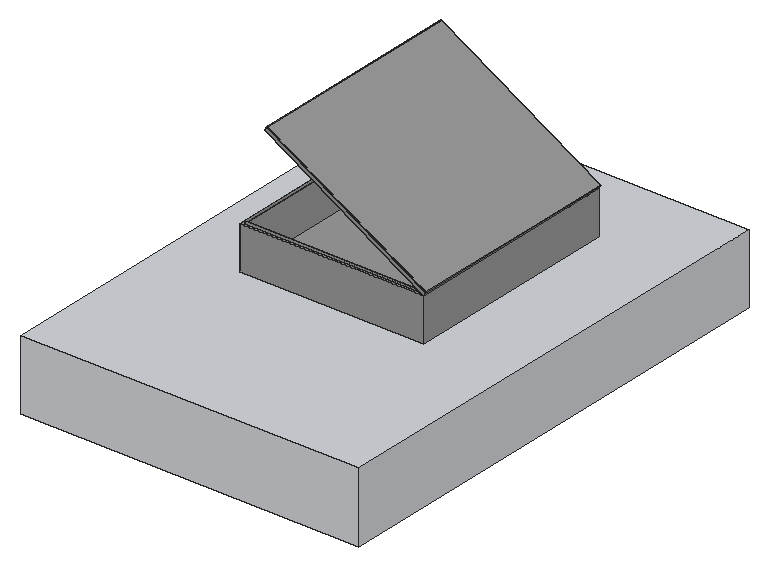
Revit family "Hager-Univers-IP54-D205-H950-Cl.I-Encl-CH-de", category Equipement électrique, Revit 2020
Family settings
  Hôte = Face
  Configuration du panneau = Deux colonnes, circuits au sein
  Cote de connecteur circulaire = Utiliser le diamètre
  Type d'élément = Tableau de raccordement
  Couper avec des vides une fois chargée = Non
  Partagée = Non
  Point de calcul de pièce = Non
Parameters (values of type "Aufputz IP54 B800 H950 T205  - FP63TW2")
  Width Control [instance] = if([EF000008 - Breite] > Min Width, [EF000008 - Breite], Min Width)  # 800 mm
  Commentaires du type = [HG000003 - Bereich]  # "Univers"
  Thickness Door [instance] = if([EF009171 - Materialstärke Tür/Deckel] > 3 mm, 3 mm, [EF009171 - Materialstärke Tür/Deckel])  # 1 mm
  Seal Frame Offset [instance] = 17 mm  # constant formula
  Plinth Visibility [instance] = [HG000027 - Sockelhöhe] > 0 mm  # no
  Model = ""
  Min Width [instance] = 100 mm  # constant formula
  Min Height [instance] = 100 mm  # constant formula
  Min Depth [instance] = (2 * [EF009170 - Materialstärke Gehäuse]) + 1 mm  # 3 mm
  Internal Frame Depth [instance] = (Door System Depth * 0.5)  # 9 mm
  Height Control [instance] = if([EF000040 - Höhe] > Min Height, [EF000040 - Höhe], Min Height)  # 950 mm
  HG000027 - Sockelhöhe = 0 mm
  HG000026 - Stehend auf dem Boden = no
  HG000024 - Höhe des unteren Teils = 800 mm
  HG000023 - Gehäuse mit doppeltem Querschnitt = no
  HG000016 - 3D-Türsichtbarkeit [instance] = yes
  HG000015 - Sichtbarkeit der Türöffnung [instance] = no
  HG000014 - Tür rechts [instance] = yes
  HG000013 - Tür links [instance] = not([HG000014 - Tür rechts])  # no
  HG000012 - Türschwenkwinkel [instance] = 30.00°
  HG000010 - Asymmetrische Türen = no
  HG000009 - Doppelflügeligen Tür = no
  HG000006 - Unterputz = no
  HG000004 - Herstellerreferenz = "FP63TW2"
  HG000003 - Bereich = "Univers"
  HG000002 - Mit tür = yes
  Frame Offset Bottom [instance] = 10 mm  # constant formula
  Frame Offset [instance] = 15 mm  # constant formula
  EF015940 - Deckel mit Überdruckentlastung = no
  EF011959 - Schutzart (NEMA) = ""
  EF009554 - Anzahl der Öffnungen für Flanschplatten = 6
  Fabricant = "Hager"  # constant formula
  EF009212 - Ausführung Deckel = "EV000116 - geschlossen"
  EF009171 - Materialstärke Tür/Deckel = 1 mm
  EF009170 - Materialstärke Gehäuse = 1 mm
  EF008873 - Nennstrom (In) = 250 A
  EF007800 - Geeignet für Blitzschutz = no
  EF006306 - Mit Schloss = no
  EF006244 - Transparenter Deckel/Tür = no
  EF005474 - Schutzart (IP) = "EV006419 - IP54"
  EF004464 - Art der Tür = "EV002646 - Einzel"
  EF004427 - Anzahl der Module = 216
  EF004293 - Schlagfestigkeit = "EV006815 - IK09"
  EF003532 - Geeignet für Außengebrauch = no
  EF002950 - Breite in Teilungseinheiten = 36
  EF001613 - Funktionserhalt = "EV000494 - ohne"
  EF001596 - Werkstoff des Gehäuses = "EV000179 - Stahl"
  EF001131 - Innentiefe = 130 mm
  EF001088 - Anbaumöglichkeit = yes
  EF000437 - Anzahl der Leitungseinführungen = 6
  EF000339 - Art der Abdeckung = "EV001012 - Deckel"
  EF000266 - Anzahl der Reihen = 6
  EF000218 - Einbautiefe = 205 mm
  EF000118 - Mit Montageplatte = no
  EF000116 - RAL-Nummer = "9010"
  EF000049 - Tiefe = 205 mm
  EF000040 - Höhe = 950 mm
  EF000008 - Breite = 800 mm
  EF000007 - Farbe = "EV000202 - weiß"
  EF000003 - Montageart = "EV000384 - Aufputz"
  Door System Leaf Tolerance [instance] = 1.5 mm  # constant formula
  Door System Depth [instance] = 18 mm  # constant formula
  Door Height [instance] = Height Control - [HG000027 - Sockelhöhe]  # 950 mm
  Depth Control [instance] = if([EF000049 - Tiefe] > Min Depth, [EF000049 - Tiefe], Min Depth)  # 205 mm
  Default Elevation = 0 mm
  Connector Offset [instance] = Height Control / 2  # 475 mm
  Bottom Top Plate Trim [instance] = 1.5 mm  # constant formula
  Plinth height Ctrl [instance] = if([HG000027 - Sockelhöhe] > 0 mm, [HG000027 - Sockelhöhe], 12 mm)  # 12 mm
Types (5, lengths in mm): name | Width Control | HG000004 - Herstellerreferenz | EF009554 - Anzahl der Öffnungen für Flanschplatten | EF004464 - Art der Tür | EF004427 - Anzahl der Module | EF002950 - Breite in Teilungseinheiten | EF000437 - Anzahl der Leitungseinführungen | EF000008 - Breite
  Aufputz IP54 B1050 H950 T205  - FP64TW2 | 1050 | "FP64TW2" | 8 | "EV003602 - Doppel" | 288 | 48 | 8 | 1050
  Aufputz IP54 B1300 H950 T205  - FP65TW2 | 1300 | "FP65TW2" | 10 | "EV003602 - Doppel" | 360 | 60 | 10 | 1300
  Aufputz IP54 B300 H950 T205  - FP61TW2 | 300 | "FP61TW2" | 2 | "EV002646 - Einzel" | 72 | 12 | 2 | 300
  Aufputz IP54 B550 H950 T205  - FP62TW2 | 550 | "FP62TW2" | 4 | "EV002646 - Einzel" | 144 | 24 | 4 | 550
  Aufputz IP54 B800 H950 T205  - FP63TW2 | 800 | "FP63TW2" | 6 | "EV002646 - Einzel" | 216 | 36 | 6 | 800
Reference planes
  plane 1 "Center (Front/Back)": y = 0
  plane 2: z = 0
  plane 3 "Center (Left/Right)": x = 0
  plane 4: z = 205
  plane 5: y = 1
  plane 6: y = 475
  plane 7: y = 0
  plane 8: y = 950
  plane 9: z = 0
  plane 10: x = -385
  plane 11: x = 385
  plane 12: x = 384
  plane 13: x = -384
  plane 14: y = 949
  plane 15: x = -383
  plane 16: x = -400
  plane 17: x = 383
  plane 18: x = 400
  plane 19: x = 399
  plane 20: x = -399
  plane 21: y = 11
  plane 22: y = 950
  plane 23: y = 934
  plane 24: z = 187
  plane 25: z = 1
  plane 26: z = 186
  plane 27: z = 204
Forms (mm)
  Extrusion 1, solid
    sketch origin (0, 0, 0) x (1, 0, 0) y (0, 1, 0)
      loop
        line (-702.964, 1305) -> (-702.964, -811.445) -> (766.763, -811.445) -> (766.763, 1305) -> (-702.964, 1305)
    from 0 to -304.8
  Extrusion 2, solid, material "Hager_Steel_RAL7035_Light_Grey", visible <- "Plinth Visibility", detail levels medium+fine
    sketch origin (0, 0, 0) x (1, 0, 0) y (0, 1, 0)
      loop
        line (-400, 0) -> (400, 0) -> (400, 12) -> (-400, 12) -> (-400, 0)
    from 0 to 187
  Extrusion 3, solid, material "Hager_Steel_RAL7035_Light_Grey", detail levels medium+fine
    sketch origin (0, 0, 0) x (1, 0, 0) y (0, 1, 0)
      loop
        line (-400, 0) -> (400, 0) -> (400, 950) -> (-400, 950) -> (-400, 0)
    from 0 to 187
  Extrusion 4, void
    sketch origin (0, 0, 0) x (1, 0, 0) y (0, 1, 0)
      loop
        line (-399, 1) -> (399, 1) -> (399, 949) -> (-399, 949) -> (-399, 1)
    from 1 to 186
  Extrusion 5, void
    sketch origin (-381.607, -4572, 187) x (0, -1, 0) y (-1, 0, 0)
      loop
        line (-4583, 2.393) -> (-5506, 2.393) -> (-5506, -765.607) -> (-4583, -765.607) -> (-4583, 2.393)
    from 0 to 1 <- "EF009170 - Materialstärke Gehäuse"
  Extrusion 6, solid, material "Hager_Steel_RAL7035_Light_Grey", detail levels fine
    sketch origin (0, 0, 187) x (1, 0, 0) y (0, 1, 0)
      loop
        line (-384, 934) -> (-384, 11) -> (384, 11) -> (384, 934) -> (-384, 934)
      loop
        line (-385, 10) -> (385, 10) -> (385, 935) -> (-385, 935) -> (-385, 10)
    from 0 to 9 <- "Internal Frame Depth"
  Extrusion 7, solid, material "Hager_Steel_RAL7035_Light_Grey", detail levels coarse
    sketch origin (0, 0, 0) x (1, 0, 0) y (0, 1, 0)
      loop
        line (-400, 0) -> (400, 0) -> (400, 950) -> (-400, 950) -> (-400, 0)
    from 0 to 205
  Sweep 8, void
    path in 3D
      loop
        line (-400, 12, 0) -> (400, 12, 0) -> (400, 12, 187) -> (-400, 12, 187) -> (-400, 12, 0)
    profile origin (-400, 12, 93.5) x (-1, 0, 0) y (0, -1, 0)
      loop
        line (0, 0) -> (0, 1.5) -> (-1.5, 1.5)
        arc (-1.5, 1.5) -> (-1.061, 0.439) -> (0, 0) r 1.5
Cuts and joins
  Extrusion 4, Extrusion 5 cuts Extrusion 3
  Sweep 8 cuts Extrusion 2
Lines and regions (mm)
  Masking region 1
    outline origin (0, 0, 0) x (1, 0, 0) y (0, 0, 1)
      loop
        line (-400, 205) -> (-400, 0) -> (400, 0) -> (400, 205) -> (-400, 205)
  Masking region 2, detail levels medium+fine
    outline origin (0, 140, 0) x (0, 1, 0) y (0, 0, 1)
      loop
        line (-140, 0) -> (810, 0) -> (810, 187) -> (-140, 187) -> (-140, 0)
  Masking region 3, not visible, detail levels medium+fine
    outline origin (0, 297.922, 0) x (0, 1, 0) y (0, 0, 1)
      loop
        line (188.578, 0) -> (228.578, 0) -> (228.578, 194)
        arc (228.578, 194) -> (225.649, 201.071) -> (218.578, 204) r 10
        line (218.578, 204) -> (188.578, 204) -> (188.578, 0)
  Masking region 4, detail levels coarse
    outline origin (0, 0, 180) x (0, 1, 0) y (0, 0, 1)
      loop
        line (0, -180) -> (950, -180) -> (950, 25) -> (0, 25) -> (0, -180)
  Masking region 5, visible <- "Plinth Visibility", detail levels medium+fine
    outline origin (0, 52.24, 12.345) x (0, 0, -1) y (0, 1, 0)
      loop
        line (10.845, -40.24) -> (-173.155, -40.24)
        arc (-173.155, -40.24) -> (-173.594, -41.301) -> (-174.655, -41.74) r 1.5
        line (-174.655, -41.74) -> (-174.655, -52.24) -> (12.345, -52.24) -> (12.345, -41.74)
        arc (12.345, -41.74) -> (11.285, -41.301) -> (10.845, -40.24) r 1.5
  Masking region 6, detail levels medium+fine
    outline origin (-381.607, -4572, 187) x (-1, 0, 0) y (0, -1, 0)
      loop
        line (18.393, -5522) -> (18.393, -4572) -> (-781.607, -4572) -> (-781.607, -5522) -> (18.393, -5522)
  Masking region 7, visible <- "Plinth Visibility", detail levels medium+fine
    outline origin (-381.607, -4727, 187) x (-1, 0, 0) y (0, -1, 0)
      loop
        arc (16.893, -4739) -> (17.332, -4737.939) -> (18.393, -4737.5) r 1.5
        line (18.393, -4737.5) -> (18.393, -4727) -> (-781.607, -4727) -> (-781.607, -4737.5)
        arc (-781.607, -4737.5) -> (-780.546, -4737.939) -> (-780.107, -4739) r 1.5
        line (-780.107, -4739) -> (16.893, -4739)
  Masking region 8, detail levels coarse
    outline origin (-442.548, -4669.526, 187) x (-1, 0, 0) y (0, -1, 0)
      loop
        line (-42.548, -5619.526) -> (-42.548, -4669.526) -> (-842.548, -4669.526) -> (-842.548, -5619.526) -> (-42.548, -5619.526)
  sketch lines
    curve 1: line (-400, 12, 187) -> (-400, 12, 0)
    curve 2: line (400, 12, 187) -> (-400, 12, 187)
    curve 3: line (400, 12, 187) -> (400, 12, 0)
    curve 4: line (-400, 12, 0) -> (400, 12, 0)
Dimensions and locks
  "Depth Control": plane 4 to Extrusion 1
  "HG000027 - Sockelhöhe": plane 1 "Center (Front/Back)" to plane 7
  "EF009170 - Materialstärke Gehäuse": plane 5 to plane 7
  locked: connector elem to plane 3 "Center (Left/Right)"
  equal spacing: plane 8, plane 6, plane 7
  locked: connector elem to plane 6
  "EF009170 - Materialstärke Gehäuse": plane 8 to plane 14
  "EF009170 - Materialstärke Gehäuse": plane 10 to plane 13
  "EF009170 - Materialstärke Gehäuse": plane 12 to plane 11
  "Frame Offset": plane 20 to plane 13
  "Frame Offset": plane 12 to plane 19
  "EF009170 - Materialstärke Gehäuse": plane 16 to plane 20
  "EF009170 - Materialstärke Gehäuse": plane 19 to plane 18
  "Seal Frame Offset": plane 16 to plane 15
  "Seal Frame Offset": plane 17 to plane 18
  "Frame Offset Bottom": plane 21 to plane 5
  "Frame Offset": plane 14 to plane 23
  equal spacing: plane 16, plane 3 "Center (Left/Right)", plane 18
  "Width Control": plane 16 to plane 18
  "EF009170 - Materialstärke Gehäuse": plane 4 to plane 27
  "EF009170 - Materialstärke Gehäuse": plane 24 to plane 26
  "EF009170 - Materialstärke Gehäuse": plane 25 to level
  "Door System Depth": plane 4 to plane 24
  "Height Control": plane 1 "Center (Front/Back)" to Extrusion 7 sketch curve
  "Height Control": Masking region 4 sketch curve to plane 1 "Center (Front/Back)"
  "Height Control": plane 1 "Center (Front/Back)" to plane 22
  "Bottom Top Plate Trim": profile plane to Sweep 8 sketch curve
  "Bottom Top Plate Trim": Sweep 8 sketch curve to profile plane
  "Plinth height Ctrl": plane 1 "Center (Front/Back)" to Extrusion 2 sketch curve
  "Plinth height Ctrl": Masking region 5 sketch curve to plane 1 "Center (Front/Back)"
  "Plinth height Ctrl": plane 1 "Center (Front/Back)" to Masking region 7 sketch curve
  "Thickness Door": Extrusion 6 sketch curve to Extrusion 6 sketch curve  (x3)
  "Thickness Door": cut or joined group of Extrusion 3, Extrusion 4, Extrusion 5 to Extrusion 6 sketch curve
  radius of Masking region 3 sketch curve = 10 mm
  "Bottom Top Plate Trim": radius of Masking region 5 sketch curve  (x2)
  "Bottom Top Plate Trim": radius of Sweep 8 sketch curve
  "Bottom Top Plate Trim": radius of Masking region 7 sketch curve  (x2)
  aligned and locked: plane 2 to Extrusion 1
  aligned and locked: level to Extrusion 1
  aligned and locked: level to Masking region 1 sketch curve
  aligned and locked: Masking region 1 sketch curve to plane 18
  aligned and locked: Masking region 1 sketch curve to plane 16
  aligned and locked: plane 7 to Masking region 2 sketch curve
  aligned and locked: level to Masking region 3 sketch curve
  aligned and locked: Masking region 3 sketch curve to plane 27
  aligned and locked: level to Masking region 2 sketch curve
  aligned and locked: plane 1 "Center (Front/Back)" to Extrusion 2 sketch curve
  aligned and locked: Extrusion 3 sketch curve to plane 7
  aligned and locked: plane 16 to Extrusion 3 sketch curve
  aligned and locked: plane 18 to Extrusion 3 sketch curve
  aligned and locked: plane 20 to Extrusion 4 sketch curve
  aligned and locked: plane 19 to Extrusion 4 sketch curve
  aligned and locked: Extrusion 4 sketch curve to plane 5
  aligned and locked: Extrusion 4 to plane 25
  aligned and locked: plane 26 to Extrusion 4
  aligned and locked: plane 24 to Extrusion 3
  aligned and locked: Extrusion 5 sketch curve to plane 21
  aligned and locked: Extrusion 5 sketch curve to plane 13
  aligned and locked: Extrusion 5 sketch curve to plane 12
  aligned and locked: plane 18 to Extrusion 7 sketch curve
  aligned and locked: plane 1 "Center (Front/Back)" to Extrusion 7 sketch curve
  aligned and locked: plane 16 to Extrusion 7 sketch curve
  aligned and locked: plane 4 to Extrusion 7
  aligned and locked: Extrusion 7 to level
  aligned and locked: level to Masking region 4 sketch curve
  aligned and locked: Masking region 4 sketch curve to plane 1 "Center (Front/Back)"
  aligned and locked: Masking region 4 sketch curve to plane 4
  aligned and locked: nested 1 to level
  aligned and locked: nested 1 to plane 16
  aligned and locked: plane 8 to Extrusion 3 sketch curve
  aligned and locked: plane 23 to Extrusion 5 sketch curve
  aligned and locked: plane 14 to Extrusion 4 sketch curve
  aligned and locked: Masking region 2 sketch curve to plane 8
  aligned and locked: level to Masking region 5 sketch curve
  aligned and locked: plane 16 to Extrusion 2 sketch curve
  aligned and locked: plane 18 to Extrusion 2 sketch curve
  aligned and locked: Masking region 5 sketch curve to plane 24
  aligned and locked: Masking region 2 sketch curve to plane 24
  aligned and locked: plane 24 to Extrusion 2
  aligned and locked: profile plane to Sweep 8 sketch curve  (x2)
  aligned and locked: Masking region 6 sketch curve to plane 18
  aligned and locked: Masking region 6 sketch curve to plane 22
  aligned and locked: Masking region 6 sketch curve to plane 16
  aligned and locked: plane 8 to plane 22
  aligned and locked: Masking region 6 sketch curve to plane 7
  aligned and locked: Masking region 7 sketch curve to plane 16
  aligned and locked: Masking region 7 sketch curve to plane 1 "Center (Front/Back)"
  aligned and locked: Masking region 7 sketch curve to plane 18
  aligned and locked: Masking region 8 sketch curve to plane 1 "Center (Front/Back)"
  aligned and locked: Masking region 8 sketch curve to plane 18
  aligned and locked: Masking region 8 sketch curve to plane 22
  aligned and locked: Masking region 8 sketch curve to plane 16
  aligned and locked: nested 2 to plane 7
  aligned and locked: plane 3 "Center (Left/Right)" to nested 2
  aligned and locked: nested 2 to plane 24
  aligned and locked: Extrusion 6 sketch curve to cut or joined group of Extrusion 3, Extrusion 4, Extrusion 5  (x4)
Automatic sketch dimensions
  Extrusion 1 sketch curve to Extrusion 1 sketch curve = 1469.727 mm
  Extrusion 1 sketch curve to Extrusion 1 sketch curve = 2116.445 mm
  Masking region 1 sketch curve to plane 4 = 0 mm
  plane 6 to Masking region 3 sketch curve = 11.5 mm
  Masking region 3 sketch curve to Masking region 3 sketch curve = 30 mm
  Masking region 5 sketch curve to plane 1 "Center (Front/Back)" = 0 mm
Nested families
  nested 1: "Hager_Enclosure_Symbol" at (-400, 0, 0) x (1, 0, 0) z (0, -1, 0), Height <- "Depth Control", Width <- "Width Control", type "Hager_Enclosure_Symbol"
    with Width_Ctrl 800 mm, Width 800 mm, Height_Ctrl 205 mm, Height 205 mm, A_Width_Int 13.453 mm, A_Width 161.438 mm, A_Height_Ctrl 179.375 mm, A_Height 179.375 mm
  nested 2: "EC000058_Univers_Door" at (0, 0, 187) x (1, 0, 0) z (0, 1, 0), Leaf_Tolerance <- "Door System Leaf Tolerance", Angle <- "HG000012 - Türschwenkwinkel", Door_Depth <- "Door System Depth", Door_Left <- "HG000013 - Tür links", Transparent <- "EF006244 - Transparenter Deckel/Tür", Assymetrical <- "HG000010 - Asymmetrische Türen", Width <- "Width Control", Clearance <- "HG000015 - Sichtbarkeit der Türöffnung", Double <- "HG000009 - Doppelflügeligen Tür", 3d_Door <- "HG000016 - 3D-Türsichtbarkeit", Lock_Visibility <- "EF006306 - Mit Schloss", Width_Ctrl <- "Width Control", Door_Right <- "HG000014 - Tür rechts", Door <- "HG000002 - Mit tür", Height <- "Door Height", Thickness <- "Thickness Door", type "EC000058_Univers_Door", detail levels medium+fine
    with min_wh 3 mm, Width_Ctrl 800 mm, Width 800 mm, Transparent no, Thickness 1 mm, Seal_Material Hager_Rubber, Lock_Visibility no, Lock_Material Hager_Plastic_RAL9005_Jet_Black, Leaf_Width 800 mm, Leaf_Tolerance_External_Sides 0 mm, Leaf_Tolerance 1.5 mm, Leaf_Offset 0 mm, Leaf_Height 947 mm, Leaf_2_Width 800 mm, Leaf_2_Offset 400 mm, Leaf_1_Width 800 mm, Leaf_1_Offset 400 mm, Height_Ctrl 950 mm, Height 950 mm, Glass_Material Hager_Glass, Double_Clearance_Ctrl no, Double no, Door_Right_Ctrl yes, Door_Right yes, Door_Material Hager_Steel_RAL7035_Light_Grey, Door_Left_Ctrl no, Door_Left no, Door_Depth 18 mm, Door yes, Clearance_Material Hager_Clearance, Clearance_Depth 800 mm, Clearance_Ctrl no, Clearance no, Assymetrical no, Angle 30.00°, 3d_Door yes
Connectors
  electrical at (0, 475, 0)
    settings: on plane 9, index 1, voltage 0 V, apparent load 0 VA, apparent load phase1 0 VA, apparent load phase2 0 VA, apparent load phase3 0 VA, power factor 1, load classification "Other", number of poles 1, system type 30, power factor state 1, is connector primary yes, connector utility no, sub classification motor no, connector description ""
Definition of nested family "EC000058_Univers_Door"
  Parameters (values of type "EC000058_Univers_Door")
    min_wh [instance] = (2 * Thickness) + 1 mm  # 11 mm
    Width_Ctrl [instance] = 400 mm
    Width [instance] = 500 mm
    Transparent [instance] = yes
    Thickness [instance] = 5 mm
    Seal_Material [instance] = none
    Lock_Visibility [instance] = yes
    Lock_Material [instance] = none
    Leaf_Width [instance] = if((Width_Ctrl - 2 * Leaf_Tolerance_External_Sides) > 0 mm, (Width_Ctrl - 2 * Leaf_Tolerance_External_Sides), min_wh)  # 400 mm
    Leaf_Tolerance_External_Sides [instance] = 0 mm  # constant formula
    Leaf_Tolerance [instance] = 1.5 mm
    Leaf_Offset [instance] = 0 mm  # constant formula
    Leaf_Height [instance] = if((Height_Ctrl - 2 * Leaf_Tolerance) > 0 mm, (Height_Ctrl - 2 * Leaf_Tolerance), min_wh)  # 497 mm
    Leaf_2_Width [instance] = if(and(and(Double, Assymetrical), Door_Left), (Leaf_Width / 3) - (Leaf_Tolerance / 2), if(and(and(Double, Assymetrical), Door_Right), (Leaf_Width / 3) * 2 - (Leaf_Tolerance / 2), if(and(Double, not(Assymetrical)), (Leaf_Width / 2) - Leaf_Tolerance, Leaf_Width)))  # 400 mm
    Leaf_2_Offset [instance] = if(and(Double, Assymetrical), Leaf_2_Width / 2, if(and(Double, not(Assymetrical)), Leaf_Width / 4, Leaf_Width / 2))  # 200 mm
    Leaf_1_Width [instance] = if(and(and(Double, Assymetrical), Door_Right), (Leaf_Width / 3) - (Leaf_Tolerance / 2), if(and(and(Double, Assymetrical), Door_Left), (Width / 3) * 2 - (Leaf_Tolerance / 2), if(and(Double, not(Assymetrical)), (Leaf_Width / 2) - Leaf_Tolerance, Leaf_Width)))  # 400 mm
    Leaf_1_Offset [instance] = if(and(Double, Assymetrical), Leaf_1_Width / 2, if(and(Double, not(Assymetrical)), Leaf_Width / 4, Leaf_Width / 2))  # 200 mm
    Height_Ctrl [instance] = if(Height > min_wh, Height, min_wh)  # 500 mm
    Height [instance] = 500 mm
    Glass_Material [instance] = none
    Double_Clearance_Ctrl [instance] = and(Double, Clearance)  # no
    Double [instance] = no
    Door_Right_Ctrl [instance] = and(or(Door_Right, Double), Door)  # yes
    Door_Right [instance] = yes
    Door_Material [instance] = none
    Door_Left_Ctrl [instance] = and(or(Door_Left, Double), Door)  # no
    Door_Left [instance] = no
    Door_Depth [instance] = 30 mm
    Door [instance] = yes
    Default Elevation = 1219.2 mm
    Clearance_Material [instance] = none
    Clearance_Depth [instance] = if(Leaf_1_Width > Leaf_2_Width, Leaf_1_Width, Leaf_2_Width)  # 400 mm
    Clearance_Ctrl [instance] = and(not(Double), Clearance)  # yes
    Clearance [instance] = yes
    Assymetrical [instance] = yes
    Angle [instance] = 30.00°
    3d_Door [instance] = yes
  Reference planes
    plane 1 "Center (Front/Back)": y = 0
    plane 2 "Bottom": z = 0
    plane 3 "Center (Left/Right)": x = 0
    plane 4: z = 500
    plane 5: x = -200
    plane 6: x = 200
    plane 7: z = 500
    plane 8: x = -200
    plane 9: z = 0
    plane 10: x = 200
    plane 11: y = 0
    plane 12: z = 1.5
    plane 13: x = -600
    plane 14: y = -400
    plane 15: x = 600
    plane 16: x = 0
    plane 17: x = 0
    plane 18: x = -200
    plane 19: x = 200
    plane 20: z = 498.5
  Forms (mm)
    Extrusion 1, solid, material <- "Clearance_Material", visible <- "Double_Clearance_Ctrl"
      sketch origin (1200, 0, 0) x (1, 0, 0) y (0, 0, -1)
        loop
          line (-1800, -498.5) -> (-600, -498.5) -> (-600, 0) -> (-1800, 0) -> (-1800, -498.5)
      from 0 to -400
  Dimensions and locks
    equal spacing: plane 5, plane 3 "Center (Left/Right)", plane 6
    "Width_Ctrl": plane 5 to plane 6
    "Leaf_Offset": plane 5 to plane 8
    "Leaf_Offset": plane 6 to plane 10
    "Leaf_Offset": plane 9 to level
    "Leaf_Offset": plane 4 to plane 7
    "Height_Ctrl": plane 4 to level
    "Leaf_Tolerance": plane 12 to plane 9
    locked: plane 11 to plane 1 "Center (Front/Back)"
    "Leaf_1_Offset": plane 18 to plane 16
    "Leaf_2_Offset": plane 17 to plane 19
    "Leaf_1_Width": plane 13 to plane 8
    "Leaf_2_Width": plane 10 to plane 15
    "Clearance_Depth": plane 14 to plane 1 "Center (Front/Back)"
    "Leaf_Tolerance_External_Sides": plane 8 to plane 18
    "Leaf_Tolerance_External_Sides": plane 19 to plane 10
    "Leaf_Tolerance": plane 7 to plane 20
    aligned and locked: level to plane 2 "Bottom"
    aligned and locked: nested 1 to plane 16
    aligned and locked: nested 2 to plane 17
    aligned and locked: Extrusion 1 to plane 13
    aligned and locked: plane 15 to Extrusion 1
    aligned and locked: Extrusion 1 to plane 14
    aligned and locked: plane 12 to nested 1
    aligned and locked: nested 2 to plane 12
    aligned and locked: Extrusion 1 to plane 11
    aligned and locked: plane 20 to Extrusion 1
    aligned and locked: nested 2 to plane 11
    aligned and locked: nested 1 to plane 11
  Automatic sketch dimensions
    Extrusion 1 sketch curve to level = 0 mm
    plane 5 to Extrusion 1 sketch curve = 400 mm
    plane 6 to Extrusion 1 sketch curve = 400 mm
    Extrusion 1 sketch curve to plane 4 = 1.5 mm
  Nested families
    nested 1: "EC000058_Univers_Door_Leaf" at (0, 0, 1.5), Width <- "Leaf_1_Width", visible <- "Door_Left_Ctrl", Leaf_Height <- "Leaf_Height", Angle <- "Angle", 3d_Door <- "3d_Door", Transparent <- "Transparent", Clearance Material <- "Clearance_Material", Clearance <- "Clearance_Ctrl", Door_Material <- "Door_Material", Glass_Material <- "Glass_Material", Door_Depth <- "Door_Depth", Lock_Material <- "Lock_Material", Seal_Material <- "Seal_Material", Lock_Visibility <- "Lock_Visibility", Thickness <- "Thickness", type "EC000058_Univers_Door_Leaf"
      with Width 400 mm, Transparent_Glass_Offset 30 mm, Transparent_Ctrl yes, Transparent yes, Thickness 5 mm, Standard no, Seal_Material none, Seal_D2 8 mm, Seal_D1 1 mm, Offset_Internal_Frame 10 mm, Lock_Width 20 mm, Lock_Visibility_3d yes, Lock_Visibility yes, Lock_Thickness_3 3 mm, Lock_Thickness_2 1 mm, Lock_Thickness_1 3 mm, Lock_Radius_Offset_2 16 mm, Lock_Radius_Offset_1 15 mm, Lock_Radius_2 5 mm, Lock_Radius 6 mm, Lock_Offset 5 mm, Lock_Material none, Lock_Height 80 mm, Lock_Cover_Top_Offset_2d 17 mm, Lock_Cover_Height -65 mm, Leaf_Height 497 mm, Internal_Seal_Thickness 8 mm, Internal_Seal_Depth_2 4.5 mm, Internal_Frame_Depth 25 mm, Glass_Thickness -1 mm, Glass_Offset -2 mm, Glass_Material none, Door_Material none, Door_Depth 30 mm, Clearance Material none, Clearance yes, Angle_Ctrl 30.00°, Angle 30.00°, 3d_Door yes
    nested 2: "EC000058_Univers_Door_Leaf" at (0, 0, 1.5) x (-1, 0, 0) z (0, 0, 1), Width <- "Leaf_2_Width", visible <- "Door_Right_Ctrl", Leaf_Height <- "Leaf_Height", Angle <- "Angle", 3d_Door <- "3d_Door", Transparent <- "Transparent", Clearance Material <- "Clearance_Material", Clearance <- "Clearance_Ctrl", Door_Material <- "Door_Material", Glass_Material <- "Glass_Material", Door_Depth <- "Door_Depth", Lock_Material <- "Lock_Material", Seal_Material <- "Seal_Material", Lock_Visibility <- "Lock_Visibility", Thickness <- "Thickness", type "EC000058_Univers_Door_Leaf"
      with Width 400 mm, Transparent_Glass_Offset 30 mm, Transparent_Ctrl yes, Transparent yes, Thickness 5 mm, Standard no, Seal_Material none, Seal_D2 8 mm, Seal_D1 1 mm, Offset_Internal_Frame 10 mm, Lock_Width 20 mm, Lock_Visibility_3d yes, Lock_Visibility yes, Lock_Thickness_3 3 mm, Lock_Thickness_2 1 mm, Lock_Thickness_1 3 mm, Lock_Radius_Offset_2 16 mm, Lock_Radius_Offset_1 15 mm, Lock_Radius_2 5 mm, Lock_Radius 6 mm, Lock_Offset 5 mm, Lock_Material none, Lock_Height 80 mm, Lock_Cover_Top_Offset_2d 17 mm, Lock_Cover_Height -65 mm, Leaf_Height 497 mm, Internal_Seal_Thickness 8 mm, Internal_Seal_Depth_2 4.5 mm, Internal_Frame_Depth 25 mm, Glass_Thickness -1 mm, Glass_Offset -2 mm, Glass_Material none, Door_Material none, Door_Depth 30 mm, Clearance Material none, Clearance yes, Angle_Ctrl 30.00°, Angle 30.00°, 3d_Door yes
  Definition of nested family "EC000058_Univers_Door_Leaf"
    Parameters (values of type "EC000058_Univers_Door_Leaf")
      Width [instance] = 2000 mm
      Transparent_Glass_Offset [instance] = 30 mm
      Transparent_Ctrl [instance] = and(Transparent, [3d_Door])  # yes
      Transparent [instance] = yes
      Thickness [instance] = 5 mm
      Standard [instance] = and(not(Transparent), [3d_Door])  # no
      Seal_Material [instance] = none
      Seal_D2 [instance] = 8 mm  # constant formula
      Seal_D1 [instance] = 1 mm  # constant formula
      Offset_Internal_Frame [instance] = 10 mm  # constant formula
      Lock_Width [instance] = 20 mm  # constant formula
      Lock_Visibility_3d [instance] = and(Lock_Visibility, [3d_Door])  # yes
      Lock_Visibility [instance] = yes
      Lock_Thickness_3 [instance] = 3 mm  # constant formula
      Lock_Thickness_2 [instance] = 1 mm  # constant formula
      Lock_Thickness_1 [instance] = 3 mm  # constant formula
      Lock_Radius_Offset_2 [instance] = Lock_Radius_Offset_1 + 1 mm  # 16 mm
      Lock_Radius_Offset_1 [instance] = 15 mm  # constant formula
      Lock_Radius_2 [instance] = Lock_Radius - 1 mm  # 5 mm
      Lock_Radius [instance] = 6 mm  # constant formula
      Lock_Offset [instance] = 5 mm  # constant formula
      Lock_Material [instance] = none
      Lock_Height [instance] = 80 mm  # constant formula
      Lock_Cover_Top_Offset_2d [instance] = Lock_Radius_Offset_2 + 1 mm  # 17 mm
      Lock_Cover_Height [instance] = -(Lock_Height - Lock_Radius_Offset_1)  # -65 mm
      Leaf_Height [instance] = 2720.336 mm
      Internal_Seal_Thickness [instance] = 8 mm  # constant formula
      Internal_Seal_Depth_2 [instance] = 4.5 mm  # constant formula
      Internal_Frame_Depth [instance] = if(Door_Depth - Thickness > 5 mm, Door_Depth - Thickness, 5 mm)  # 25 mm
      Glass_Thickness [instance] = if(Thickness > 15 mm, Glass_Offset + 10 mm, -1 mm)  # -1 mm
      Glass_Offset [instance] = if(Thickness > 15 mm, -(Thickness + 10 mm) / 2, -2 mm)  # -2 mm
      Glass_Material [instance] = none
      Door_Material [instance] = none
      Door_Depth [instance] = 30 mm
      Default Elevation = 0 mm
      Clearance Material [instance] = none
      Clearance [instance] = yes
      Angle_Ctrl [instance] = if(Angle > 180.00°, 180.00°, Angle)  # 90.00°
      Angle [instance] = 90.00°
      3d_Door [instance] = yes
    Reference planes
      plane 1 "Center (Front/Back)": y = 0
      plane 2: z = 0
      plane 3 "Center (Left/Right)": x = 0
      plane 4: y = 2000
      plane 5: x = -1000
      plane 6: x = 1000
      plane 7: x = -3000
      plane 8: z = 2720.336
      plane 9: z = 30
      plane 10: z = 2690.336
      plane 11: x = 970
      plane 12: x = -970
      plane 13: y = -3
      plane 14: z = 107.833
      plane 15: y = -5
      plane 16: y = -223.314
      plane 17: x = -1000
      plane 18: z = 1360.168
      plane 19: y = 30
    Forms (mm)
      Extrusion 1, solid, material <- "Clearance Material", visible <- "Clearance"
        sketch origin (0, 0, 0) x (1, 0, 0) y (0, 0, 1)
          loop
            line (-3000, 2720.336) -> (-3000, 0) -> (1000, 0) -> (1000, 2720.336) -> (-3000, 2720.336)
        from 0 to -2000
      Extrusion 2, solid, material <- "Door_Material", visible <- "Standard", detail levels medium+fine
        sketch origin (-1000, 0, 0) x (0, 1, 0) y (-1, 0, 0)
          loop
            line (0, 30) -> (0, 25) -> (2000, 25) -> (2000, 30) -> (0, 30)
        from 0 to 2720.336 <- "Leaf_Height"
      Extrusion 3, solid, material <- "Door_Material", visible <- "Transparent_Ctrl", detail levels medium+fine
        sketch origin (-1000, 0, 0) x (0, 1, 0) y (-1, 0, 0)
          loop
            line (0, 25) -> (2000, 25) -> (2000, 30) -> (0, 30) -> (0, 25)
        from 0 to 2720.336 <- "Leaf_Height"
      Extrusion 4, void
        sketch origin (-1025, 2000, 0) x (0, 1, 0) y (0, 0, -1)
          loop
            line (-30, -2690.336) -> (-30, -30) -> (-1970, -30) -> (-1970, -2690.336) -> (-30, -2690.336)
        from 0 to 5 <- "Thickness"
      Sweep 5, solid, material <- "Seal_Material", visible <- "Transparent_Ctrl", detail levels fine
        path in 3D
          loop
            line (-1025, 30, 30) -> (-1025, 30, 2690.336) -> (-1025, 1970, 2690.336) -> (-1025, 1970, 30) -> (-1025, 30, 30)
        profile origin (-1025, 1000, 30) x (1, 0, 0) y (0, 0, 1)
          loop
            line (0, 0) -> (0, -8) -> (1, -8) -> (1, 0) -> (0, 0)
      Extrusion 6, solid, material <- "Glass_Material", visible <- "Transparent_Ctrl", detail levels medium+fine
        sketch origin (-1030, 0, 0) x (0, 1, 0) y (0, 0, -1)
          loop
            line (1970, -2690.336) -> (1970, -30) -> (30, -30) -> (30, -2690.336) -> (1970, -2690.336)
        from -2 <- "Glass_Offset" to -1 <- "Glass_Thickness"
      Extrusion 7, solid, material <- "Door_Material", visible <- "3d_Door", detail levels medium+fine
        sketch origin (-1025, 2000, 0) x (0, -1, 0) y (0, 0, -1)
          loop
            line (0, -2720.336) -> (2000, -2720.336) -> (2000, 0) -> (0, 0) -> (0, -2720.336)
          loop
            line (1995, -5) -> (5, -5) -> (5, -2715.336) -> (1995, -2715.336) -> (1995, -5)
        from 0 to 25 <- "Internal_Frame_Depth"
      Sweep 8, solid, material <- "Seal_Material", visible <- "Transparent_Ctrl", detail levels fine
        path in 3D
          loop
            line (-1025, 0, 0) -> (-1025, 2000, 0) -> (-1025, 2000, 2720.336) -> (-1025, 0, 2720.336) -> (-1025, 0, 0)
        profile origin (-1025, 0, 1360.168) x (1, 0, 0) y (0, 1, 0)
          loop
            line (0, 10) -> (2.975, 10)
            arc (2.975, 10) -> (4.053, 10.447) -> (4.5, 11.525) r 1.525
            line (4.5, 11.525) -> (4.5, 16.527)
            arc (4.5, 16.527) -> (4.069, 17.569) -> (3.027, 18) r 1.473
            line (3.027, 18) -> (0, 18) -> (0, 10)
      Extrusion 9, solid, material <- "Lock_Material", visible <- "Lock_Visibility_3d", detail levels fine
        sketch origin (-1030, 0, 0) x (0, 1, 0) y (0, 0, -1)
          loop
            arc (1993.5, -1400.168) -> (1994.561, -1399.729) -> (1995, -1398.668) r 1.5
            line (1995, -1398.668) -> (1995, -1320.168) -> (1975, -1320.168) -> (1975, -1398.668)
            arc (1975, -1398.668) -> (1975.439, -1399.729) -> (1976.5, -1400.168) r 1.5
            line (1976.5, -1400.168) -> (1993.5, -1400.168)
        from 3 <- "Lock_Thickness_1" to 0
      Blend 10, solid, material <- "Lock_Material", visible <- "Lock_Visibility_3d", detail levels fine
        base sketch origin (-1033, 0, 0) x (0, 1, 0) y (0, 0, -1)
          loop
            line (1975, -1320.168) -> (1975, -1398.668)
            arc (1975, -1398.668) -> (1975.439, -1399.729) -> (1976.5, -1400.168) r 1.5
            line (1976.5, -1400.168) -> (1993.5, -1400.168)
            arc (1993.5, -1400.168) -> (1994.561, -1399.729) -> (1995, -1398.668) r 1.5
            line (1995, -1398.668) -> (1995, -1320.168) -> (1975, -1320.168)
        top sketch origin (-1033, 0, 0) x (0, 1, 0) y (0, 0, -1)
          loop
            line (1976, -1320.168) -> (1976, -1398.668)
            arc (1976, -1398.668) -> (1976.146, -1399.022) -> (1976.5, -1399.168) r 0.5
            line (1976.5, -1399.168) -> (1993.5, -1399.168)
            arc (1993.5, -1399.168) -> (1993.854, -1399.022) -> (1994, -1398.668) r 0.5
            line (1994, -1398.668) -> (1994, -1320.168) -> (1976, -1320.168)
        from 0 to 1 <- "Lock_Thickness_2"
      Blend 11, solid, material <- "Lock_Material", visible <- "Lock_Visibility_3d", detail levels fine
        base sketch origin (-1034, 0, 0) x (0, 1, 0) y (0, 0, -1)
          loop
            line (1978, -1320.168) -> (1978, -1384.168)
            arc (1978, -1384.168) -> (1985, -1391.168) -> (1992, -1384.168) r 7
            line (1992, -1384.168) -> (1992, -1320.168) -> (1978, -1320.168)
        top sketch origin (-1034, 0, 0) x (0, 1, 0) y (0, 0, -1)
          loop
            line (1991, -1320.168) -> (1979, -1320.168) -> (1979, -1383.168)
            arc (1979, -1383.168) -> (1985, -1389.168) -> (1991, -1383.168) r 6
            line (1991, -1383.168) -> (1991, -1320.168)
        from 0 to 3 <- "Lock_Thickness_3"
      Extrusion 12, solid, material <- "Lock_Material", visible <- "Lock_Visibility_3d", detail levels fine
        sketch origin (-1030, 1975, 1320.168) x (1, 0, 0) y (0, -1, 0)
          loop
            line (-7, -19) -> (-7, -1) -> (0, -1) -> (0, 0) -> (-8, 0) -> (-8, -20) -> (0, -20) -> (0, -19) -> (-7, -19)
        from 0 to -65 <- "Lock_Cover_Height"
      Extrusion 13, void
        sketch origin (-1038, 1995, 1320.168) x (-1, 0, 0) y (0, 0, -1)
          loop
            line (-5, -65) -> (0, -65) -> (-5, -60) -> (-5, -65)
        from 0 to 20 <- "Lock_Width"
      Extrusion 14, void
        sketch origin (-1038, 1975, 1320.168) x (0, -1, 0) y (0, 0, -1)
          loop
            circle (-10, -15.995) r 6
          loop
            circle (-10, -15.995) r 5
        from 0 to 2
      Extrusion 15, solid, material <- "Lock_Material", visible <- "Lock_Visibility_3d", detail levels medium
        sketch origin (-1030, 0, 0) x (0, 1, 0) y (0, 0, -1)
          loop
            arc (1993.5, -1400.168) -> (1994.561, -1399.729) -> (1995, -1398.668) r 1.5
            line (1995, -1398.668) -> (1995, -1320.168) -> (1975, -1320.168) -> (1975, -1398.668)
            arc (1975, -1398.668) -> (1975.439, -1399.729) -> (1976.5, -1400.168) r 1.5
            line (1976.5, -1400.168) -> (1993.5, -1400.168)
        from 8 to 0
    Cuts and joins
      Extrusion 4 cuts Extrusion 3
      Extrusion 13, Extrusion 14 cuts Extrusion 9
      Extrusion 14 cuts Blend 11
      Extrusion 13, Extrusion 14 cuts Extrusion 12
      joined: Extrusion 9, Blend 10, Blend 11, Extrusion 12
      Extrusion 14 cuts Extrusion 15
    Lines and regions (mm)
      Masking region 1, visible <- "Lock_Visibility", detail levels fine
        outline origin (0, 0, 0) x (0, 1, 0) y (0, 0, 1)
          loop
            line (30, 1320.168) -> (33, 1320.168) -> (33, 1400.168) -> (30, 1400.168) -> (30, 1320.168)
      Masking region 2, visible <- "Lock_Visibility", detail levels fine
        outline origin (0, 3.143, 0) x (0, 1, 0) y (0, 0, 1)
          loop
            line (29.857, 1354.168) -> (30.857, 1354.168) -> (30.857, 1366.168) -> (29.857, 1366.168) -> (29.857, 1354.168)
      Masking region 3, detail levels medium+fine
        outline origin (0, 0, 0) x (0, 1, 0) y (0, 0, 1)
          loop
            line (0, 0) -> (30, 0) -> (30, 2720.336) -> (0, 2720.336) -> (0, 0)
      Masking region 4, detail levels medium+fine
        outline origin (0, 0, 0) x (1, 0, 0) y (0, 0, 1)
          loop
            line (-1000, 2720.336) -> (-1000, 0) -> (1000, 0) -> (1000, 2720.336) -> (-1000, 2720.336)
      Masking region 5, visible <- "Lock_Visibility", detail levels fine
        outline origin (-47.116, 0, 0) x (1, 0, 0) y (0, 0, 1)
          loop
            arc (1024.616, 1399.168) -> (1023.556, 1398.729) -> (1023.116, 1397.668) r 1.5
            line (1023.116, 1397.668) -> (1023.116, 1320.168) -> (1041.116, 1320.168) -> (1041.116, 1397.668)
            arc (1041.116, 1397.668) -> (1040.677, 1398.729) -> (1039.616, 1399.168) r 1.5
            line (1039.616, 1399.168) -> (1024.616, 1399.168)
      Masking region 6, visible <- "Lock_Visibility", detail levels medium+fine
        outline origin (-25, 0, 0) x (1, 0, 0) y (0, 0, 1)
          loop
            arc (1001.5, 1400.168) -> (1000.439, 1399.729) -> (1000, 1398.668) r 1.5
            line (1000, 1398.668) -> (1000, 1320.168) -> (1020, 1320.168) -> (1020, 1398.668)
            arc (1020, 1398.668) -> (1019.561, 1399.729) -> (1018.5, 1400.168) r 1.5
            line (1018.5, 1400.168) -> (1001.5, 1400.168)
      Masking region 7, visible <- "Lock_Visibility", detail levels fine
        outline origin (-73.735, 0, 0) x (1, 0, 0) y (0, 0, 1)
          loop
            line (1051.735, 1382.168) -> (1065.735, 1382.168) -> (1065.735, 1384.168)
            arc (1065.735, 1384.168) -> (1058.735, 1391.168) -> (1051.735, 1384.168) r 7
            line (1051.735, 1384.168) -> (1051.735, 1382.168)
      Masking region 8, visible <- "Lock_Visibility", detail levels fine
        outline origin (-73.735, 0, 0) x (1, 0, 0) y (0, 0, 1)
          loop
            line (1052.735, 1382.168) -> (1064.735, 1382.168) -> (1064.735, 1383.168)
            arc (1064.735, 1383.168) -> (1058.735, 1389.168) -> (1052.735, 1383.168) r 6
            line (1052.735, 1383.168) -> (1052.735, 1382.168)
      Masking region 9, visible <- "Lock_Visibility", detail levels fine
        outline origin (-25, 0, 0) x (1, 0, 0) y (0, 0, 1)
          loop
            line (1020, 1320.168) -> (1020, 1382.168) -> (1000, 1382.168) -> (1000, 1320.168) -> (1020, 1320.168)
      Masking region 10, detail levels medium+fine
        outline origin (0, 0, 0) x (1, 0, 0) y (0, 0, 1)
          loop
            circle (985, 1335.144) r 6
      Masking region 11, detail levels fine
        outline origin (0, 0, 0) x (1, 0, 0) y (0, 0, 1)
          loop
            circle (985, 1335.144) r 5
      Masking region 12, visible <- "Lock_Visibility", detail levels fine
        outline origin (0, 12.767, 0) x (0, 1, 0) y (0, 0, 1)
          loop
            line (20.233, 1320.168) -> (21.233, 1320.168) -> (21.233, 1399.168) -> (20.233, 1400.168) -> (20.233, 1320.168)
      Masking region 13, visible <- "Lock_Visibility", detail levels fine
        outline origin (0, 13.767, -10) x (0, 1, 0) y (0, 0, 1)
          loop
            line (20.233, 1330.168) -> (23.233, 1330.168) -> (23.233, 1399.168) -> (20.233, 1402.168) -> (20.233, 1330.168)
      Masking region 14, visible <- "Lock_Visibility", detail levels fine
        outline origin (0, 12.767, -10) x (0, 1, 0) y (0, 0, 1)
          loop
            line (20.233, 1330.168) -> (25.233, 1330.168) -> (25.233, 1399.305) -> (20.233, 1394.305) -> (20.233, 1330.168)
      Masking region 15, visible <- "Lock_Visibility", detail levels medium
        outline origin (0, 0, 0) x (0, 1, 0) y (0, 0, 1)
          loop
            line (30, 1320.168) -> (38, 1320.168) -> (38, 1400.168) -> (30, 1400.168) -> (30, 1320.168)
      Masking region 16, visible <- "Lock_Visibility", detail levels fine
        outline origin (-1000, 0, 0) x (0, 1, 0) y (-1, 0, 0)
          loop
            line (1975, 30) -> (1995, 30) -> (1995, 38) -> (1975, 38) -> (1975, 30)
          loop
            line (1979, 37) -> (1976, 37) -> (1976, 34) -> (1978, 34) -> (1979, 37)
          loop
            line (1994, 37) -> (1991, 37) -> (1992, 34) -> (1994, 34) -> (1994, 37)
      Masking region 17, visible <- "Lock_Visibility", detail levels medium
        outline origin (-1000, 0, 0) x (0, 1, 0) y (-1, 0, 0)
          loop
            line (1975, 30) -> (1995, 30) -> (1995, 38) -> (1975, 38) -> (1975, 30)
      symbolic lines
        curve 1: line (1000, 0, 0) -> (-3000, 0, 0)
        curve 2: arc (1000, 0, 0) -> (-1000, 2000, 0) -> (-3000, 0, 0) r 2000
        curve 4: line (-1030, 0, 0) -> (-1030, 2000, 0)
      reference lines
        curve 3: line (-1000, 0, 0) -> (-1000, 2000, 0)
      symbolic lines, detail levels medium+fine
        curve 5: line (-1030, 2000, 0) -> (-1025, 2000, 0)
        curve 7: line (-1025, 0, 0) -> (-1030, 0, 0)
        curve 8: line (-1025, 0, 0) -> (-1000, 0, 0)
        curve 9: line (-1000, 0, 0) -> (-1000, 2000, 0)
        curve 10: line (-1000, 2000, 0) -> (-1025, 2000, 0)
      symbolic lines, detail levels fine
        curve 6: line (-1025, 2000, 0) -> (-1025, 0, 0)
      sketch lines
        curve 11: line (-1025, 0, 2720.336) -> (-1025, 0, 0)
        curve 12: line (-1025, 2000, 0) -> (-1025, 0, 0)
        curve 13: line (-1025, 2000, 2720.336) -> (-1025, 2000, 0)
        curve 14: line (-1025, 0, 2720.336) -> (-1025, 2000, 2720.336)
        curve 15: line (-1025, 1970, 30) -> (-1025, 30, 30)
        curve 16: line (-1025, 30, 30) -> (-1025, 30, 2690.336)
        curve 17: line (-1025, 1970, 2690.336) -> (-1025, 1970, 30)
        curve 18: line (-1025, 30, 2690.336) -> (-1025, 1970, 2690.336)
      symbolic lines, visible <- "Transparent", detail levels medium+fine
        curve 19: line (-970, 0, 2690.336) -> (970, 0, 2690.336)
        curve 20: line (-970, 0, 30) -> (-970, 0, 2690.336)
        curve 21: line (970, 0, 30) -> (-970, 0, 30)
        curve 22: line (970, 0, 2690.336) -> (970, 0, 30)
    Dimensions and locks
      "Width": plane 1 "Center (Front/Back)" to plane 4
      equal spacing: plane 5, plane 3 "Center (Left/Right)", plane 6
      "Width": plane 5 to plane 6
      "Width": plane 7 to plane 5
      "Leaf_Height": plane 8 to level
      "Width": curve 5 to curve 3
      "Width": curve 3 to curve 3
      plane 8 to plane 10 = 30 mm
      plane 9 to level = 30 mm
      plane 12 to plane 5 = 30 mm
      plane 6 to plane 11 = 30 mm
      Extrusion 1 to Extrusion 4 sketch curve = 30 mm
      "Transparent_Glass_Offset": curve 3 to Extrusion 4 sketch curve
      "Transparent_Glass_Offset": Extrusion 4 sketch curve to cut or joined group of Extrusion 3, Extrusion 4  (x2)
      cut or joined group of Extrusion 3, Extrusion 4 to Extrusion 6 sketch curve = 30 mm
      "Transparent_Glass_Offset": cut or joined group of Extrusion 3, Extrusion 4 to Extrusion 4 sketch curve
      "Thickness": curve 6 to curve 4
      "Thickness": Extrusion 7 sketch curve to Extrusion 7 sketch curve  (x4)
      "Door_Depth": curve 4 to curve 3
      "Offset_Internal_Frame": profile plane to Sweep 8 sketch curve
      "Internal_Seal_Thickness": Sweep 8 sketch curve to Sweep 8 sketch curve
      "Internal_Seal_Depth_2": profile plane to Sweep 8 sketch curve
      "Seal_D1": profile plane to Sweep 5 sketch curve
      "Seal_D2": profile plane to Sweep 5 sketch curve
      "Thickness": Extrusion 2 sketch curve to Extrusion 2 sketch curve
      equal spacing: Extrusion 9 sketch curve, plane 18, Extrusion 9 sketch curve  (x2)
      equal spacing: Masking region 1 sketch curve, plane 18, Masking region 1 sketch curve
      "Lock_Height": Masking region 1 sketch curve to Masking region 1 sketch curve
      "Lock_Radius": Masking region 2 sketch curve to plane 18 to Masking region 2 sketch curve
      Masking region 2 sketch curve to Masking region 1 = 1 mm
      "Door_Depth": plane 19 to plane 1 "Center (Front/Back)"
      "Lock_Thickness_1": Masking region 1 sketch curve to plane 19
      "Lock_Width": Extrusion 9 sketch curve to Extrusion 9 sketch curve
      "Lock_Height": Extrusion 9 sketch curve to Extrusion 9 sketch curve
      "Lock_Offset": cut or joined group of Extrusion 3, Extrusion 4 to Extrusion 9 sketch curve
      equal spacing: plane 8, plane 18, level
      "Lock_Radius_Offset_1": Blend 11 sketch curve to Blend 10
      locked: Blend 10 to Blend 11 sketch curve at 2  (x2)
      locked: var sketch to Blend 11 sketch curve at 1  (x2)
      "Lock_Radius_Offset_2": Blend 11 sketch curve to Blend 10
      locked: Extrusion 12 sketch curve to Extrusion 12 sketch curve at 1  (x3)
      Masking region 6 sketch curve to Masking region 6 sketch curve = 80 mm
      "Lock_Height": Masking region 6 sketch curve to Masking region 6 sketch curve
      "Lock_Width": Masking region 6 sketch curve to Masking region 6 sketch curve
      locked: Masking region 6 to Masking region 5 sketch curve at 1  (x3)
      locked: Masking region 5 to Masking region 7 sketch curve at 2  (x2)
      "Lock_Radius_Offset_1": Masking region 5 to Masking region 7 sketch curve
      "Lock_Radius_Offset_2": Masking region 5 to Masking region 8 sketch curve
      locked: Masking region 7 to Masking region 8 sketch curve at 1  (x2)
      "Lock_Cover_Top_Offset_2d": Masking region 5 to Masking region 9 sketch curve
      equal spacing: Masking region 9, Masking region 10 sketch curve, Masking region 9
      equal spacing: Masking region 9, Masking region 11 sketch curve, Masking region 9
      Extrusion 15 sketch curve to Extrusion 15 sketch curve = 80 mm
      "Lock_Width": Extrusion 15 sketch curve to Extrusion 15 sketch curve
      "Lock_Height": Extrusion 15 sketch curve to Extrusion 15 sketch curve
      equal spacing: Extrusion 15 sketch curve, plane 18, Extrusion 15 sketch curve
      "Lock_Thickness_3": Masking region 13 sketch curve to Masking region 13 sketch curve
      "Lock_Height": Masking region 12 sketch curve to Masking region 12 sketch curve
      locked: Masking region 13 sketch curve to Masking region 1 at 8
      locked: Masking region 14 sketch curve to Masking region 13 at 1
      locked: Masking region 14 sketch curve to Masking region 1 at 10.863
      "Lock_Height": Masking region 15 sketch curve to Masking region 15 sketch curve
      "Lock_Offset": Extrusion 15 sketch curve to cut or joined group of Extrusion 3, Extrusion 4
      "Lock_Offset": plane 6 to Masking region 6 sketch curve
      radius of Sweep 8 sketch curve = 1.525 mm
      radius of Sweep 8 sketch curve = 1.473 mm
      radius of Extrusion 9 sketch curve = 1.5 mm  (x2)
      "Lock_Radius": radius of Extrusion 14 sketch curve
      "Lock_Radius_2": radius of Extrusion 14 sketch curve
      "Lock_Radius": radius of Masking region 10 sketch curve
      "Lock_Radius_2": radius of Masking region 11 sketch curve
      radius of Extrusion 15 sketch curve = 1.5 mm  (x2)
      "Angle_Ctrl": angle plane 1 "Center (Front/Back)" to curve 3
      locked: Masking region 12 sketch curve to Masking region 12 sketch curve (angle 45.00°)
      locked: Masking region 13 sketch curve to Masking region 13 sketch curve (angle 45.00°)
      locked: Masking region 14 sketch curve to Masking region 14 sketch curve (angle 45.00°)
      aligned and locked: level to plane 2
      aligned and locked: Extrusion 1 to curve 1
      aligned and locked: plane 6 to Extrusion 1
      aligned and locked: Extrusion 1 to plane 1 "Center (Front/Back)"
      aligned and locked: plane 4 to Extrusion 1
      aligned and locked: plane 8 to Extrusion 1
      aligned and locked: curve 7 to Extrusion 2 sketch curve
      aligned and locked: curve 5 to Extrusion 2 sketch curve
      aligned and locked: curve 7 to Extrusion 3 sketch curve
      aligned and locked: Extrusion 3 sketch curve to curve 4
      aligned and locked: Extrusion 3 sketch curve to curve 6
      aligned and locked: Extrusion 3 sketch curve to curve 5
      aligned and locked: curve 9 to curve 3
      aligned and locked: Extrusion 7 sketch curve to cut or joined group of Extrusion 3, Extrusion 4  (x4)
      aligned and locked: plane 17 to curve 3
      aligned and locked: plane 1 "Center (Front/Back)" to curve 3
      aligned and locked: plane 17 to plane 5
      aligned and locked: Sweep 8 sketch curve to profile plane
      aligned and locked: Sweep 5 sketch curve to profile plane  (x2)
      aligned and locked: Masking region 1 to Masking region 2 sketch curve
      aligned and locked: plane 19 to Masking region 1 sketch curve
      aligned and locked: plane 1 "Center (Front/Back)" to Masking region 3 sketch curve
      aligned and locked: plane 19 to Masking region 3 sketch curve
      aligned and locked: level to Masking region 3 sketch curve
      aligned and locked: Masking region 3 sketch curve to plane 8
      aligned and locked: plane 17 to Masking region 4 sketch curve
      aligned and locked: level to Masking region 4 sketch curve
      aligned and locked: Masking region 4 sketch curve to plane 8
      aligned and locked: plane 12 to curve 20
      aligned and locked: plane 10 to curve 19
      aligned and locked: plane 11 to curve 22
      aligned and locked: curve 21 to plane 9
      aligned and locked: Extrusion 2 sketch curve to cut or joined group of Extrusion 3, Extrusion 4
      aligned and locked: Blend 10 sketch curve to Extrusion 9  (x4)
      aligned and locked: Extrusion 9 to Blend 10 sketch curve
      aligned and locked: Blend 10 to Blend 11 sketch curve
      aligned and locked: Extrusion 12 sketch curve to Blend 11
      aligned and locked: Extrusion 12 sketch curve to Extrusion 9  (x4)
      aligned and locked: Masking region 5 sketch curve to Masking region 6
      aligned and locked: Masking region 9 sketch curve to Masking region 6  (x3)
      aligned and locked: Masking region 12 sketch curve to Masking region 1
      aligned and locked: Masking region 13 sketch curve to Masking region 1
      aligned and locked: Masking region 12 to Masking region 14
      aligned and locked: Masking region 14 sketch curve to Masking region 1
      aligned and locked: Masking region 15 sketch curve to Masking region 14
      aligned and locked: Masking region 13 sketch curve to Masking region 12
      aligned and locked: Masking region 16 sketch curve to cut or joined group of Extrusion 14, Extrusion 15  (x4)
      aligned and locked: Masking region 16 sketch curve to cut or joined group of Extrusion 9, Blend 10, Blend 11, Extrusion 12, Extrusion 13, Extrusion 14  (x6)
      aligned and locked: cut or joined group of Extrusion 9, Blend 10, Blend 11, Extrusion 12, Extrusion 13, Extrusion 14 to Masking region 16 sketch curve
      aligned and locked: Masking region 17 sketch curve to cut or joined group of Extrusion 14, Extrusion 15  (x3)
      aligned and locked: Masking region 17 sketch curve to cut or joined group of Extrusion 9, Blend 10, Blend 11, Extrusion 12, Extrusion 13, Extrusion 14
      aligned and locked: Masking region 9 to Masking region 8 sketch curve
      aligned and locked: Masking region 9 to Masking region 7 sketch curve
    Automatic sketch dimensions
      plane 1 "Center (Front/Back)" to curve 2 = 0 mm
      curve 2 to plane 5 = 0 mm
      Extrusion 1 sketch curve to level = 0 mm
      Extrusion 1 sketch curve to plane 7 = 0 mm
      Extrusion 1 sketch curve to plane 6 = 0 mm
      Extrusion 1 sketch curve to plane 8 = 0 mm
      Extrusion 3 to Extrusion 6 sketch curve = 30 mm  (x4)
      Masking region 4 sketch curve to plane 6 = 0 mm
      Blend 10 sketch curve to Extrusion 9 = 1.5 mm
      Blend 10 sketch curve to Extrusion 9 = 1 mm
      Extrusion 13 sketch curve to Extrusion 12 = 0 mm  (x2)
      Extrusion 12 to Extrusion 13 sketch curve = 3 mm
      Extrusion 13 sketch curve to Extrusion 12 = 5 mm
      Extrusion 14 sketch curve to Extrusion 14 sketch curve = 0 mm  (x2)
      Extrusion 14 sketch curve to Extrusion 12 = 10 mm
      Extrusion 14 sketch curve to Extrusion 12 = 15.995 mm
      Masking region 5 sketch curve to Masking region 5 sketch curve = 1.5 mm  (x2)
      Masking region 10 sketch curve to plane 18 = 25.024 mm
      Masking region 11 sketch curve to plane 18 = 25.024 mm
      plane 19 to Masking region 14 sketch curve = 3 mm
      Masking region 16 sketch curve to Masking region 16 sketch curve = 3 mm
      curve 4 to curve 3 = 0 mm
      Blend 10 to Blend 11 sketch curve = 0 mm
      Masking region 6 sketch curve to Masking region 6 sketch curve = 1.5 mm  (x2)
      Masking region 6 sketch curve to plane 18 = 40 mm
      plane 19 to Masking region 12 sketch curve = 3 mm
      Masking region 12 sketch curve to Masking region 12 sketch curve = 1 mm
      Masking region 15 sketch curve to plane 19 = 0 mm
      Masking region 15 sketch curve to plane 18 = 40 mm
      radius of Blend 10 sketch curve to Extrusion 9 = 1 mm
Definition of nested family "Hager_Enclosure_Symbol"
  Parameters (values of type "Hager_Enclosure_Symbol")
    Width_Ctrl [instance] = if(Width > 1 mm, Width, 1 mm)  # 102.27 mm
    Width [instance] = 102.27 mm
    Height_Ctrl [instance] = if(Height > 1 mm, Height, 1 mm)  # 66.5 mm
    A_Width_Int [instance] = if(A_Width / 12 > 2 mm, A_Width / 12, 2 mm)  # 4.364 mm
    A_Width [instance] = if(A_Height_Ctrl * 0.9 > 2 mm, A_Height_Ctrl * 0.9, 2 mm)  # 52.369 mm
    A_Height_Ctrl [instance] = if(A_Height > 2 mm, A_Height, 2 mm)  # 58.188 mm
    Height [instance] = 66.5 mm
    A_Height [instance] = Height - (Height / 8)  # 58.188 mm
  Reference planes
    plane 1 "Centre (avant/arrière)": y = 0
    plane 2: z = 0
    plane 3 "Centre (gauche/droite)": x = 0
    plane 4: x = 52.369
    plane 5: y = 33.042
    plane 6: y = 41.77
    plane 7: y = 66.5
    plane 8: x = 26.184
    plane 9: y = 37.406
    plane 10: x = 102.27
    plane 11: y = 66.5
    plane 12: y = 8.313
  Lines and regions (mm)
    Filled region 1, type "Solid_Black", in view "Niveau de réf."
      outline origin (0, 0, 0) x (1, 0, 0) y (0, 1, 0)
        loop
          line (52.369, 66.5) -> (33.188, 54.536) -> (45.365, 45.006) -> (52.369, 66.5)
    Filled region 2, type "Solid_Black", in view "Niveau de réf."
      outline origin (0, 0, 0) x (1, 0, 0) y (0, 1, 0)
        loop
          line (0, 0) -> (102.27, 0) -> (102.27, 66.5) -> (0, 0)
    detail lines, in view "Niveau de réf."
      curve 1: line (0, 8.313, 0) -> (26.184, 41.77, 0)
      curve 2: line (26.184, 41.77, 0) -> (26.184, 33.042, 0)
      curve 3: line (26.184, 33.042, 0) -> (52.369, 66.5, 0)
  Dimensions and locks
    "A_Width": plane 3 "Centre (gauche/droite)" to plane 4
    equal spacing: plane 3 "Centre (gauche/droite)", plane 8, plane 4
    equal spacing: plane 6, plane 9, plane 5
    equal spacing: curve 3, Filled region 1 sketch curve, Filled region 1 sketch curve
    "Height_Ctrl": plane 1 "Centre (avant/arrière)" to plane 11
    "A_Height_Ctrl": plane 11 to plane 12
    equal spacing: plane 11, plane 9, plane 12
    "A_Width_Int": plane 6 to plane 9
    "Width_Ctrl": plane 3 "Centre (gauche/droite)" to plane 10
    angle Filled region 1 sketch curve to curve 3 = 20.00°
    angle curve 3 to Filled region 1 sketch curve = 20.00°
    locked: curve 3 to Filled region 1 sketch curve (angle 90.00°)
    aligned and locked: plane 10 to Filled region 2
    aligned and locked: plane 11 to Filled region 2 sketch curve
    aligned and locked: plane 10 to Filled region 2 sketch curve
    aligned and locked: plane 3 "Centre (gauche/droite)" to curve 1
    aligned and locked: plane 12 to curve 1
    aligned and locked: plane 7 to plane 11
  Automatic sketch dimensions
    Filled region 1 sketch curve to plane 4 = 0 mm
    Filled region 1 sketch curve to plane 7 = 0 mm
    plane 1 "Centre (avant/arrière)" to Filled region 2 sketch curve = 0 mm
    Filled region 2 sketch curve to plane 3 "Centre (gauche/droite)" = 0 mm
    curve 2 to plane 6 = 0 mm
    curve 2 to plane 8 = 0 mm
    curve 3 to plane 4 = 0 mm
    curve 2 to plane 5 = 0 mm
    curve 3 to plane 7 = 0 mm
